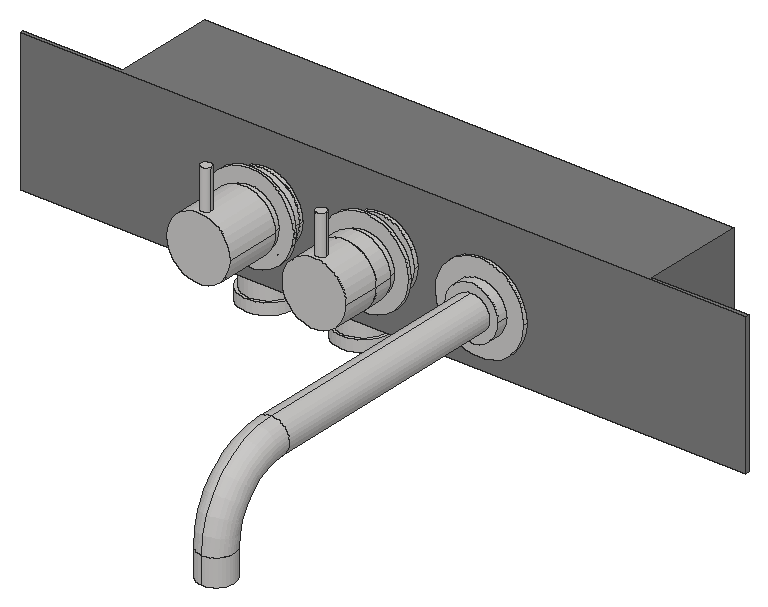
Revit family "5121C", category Plumbing Fixtures, Revit 2021
Family settings
  Round Connector Dimension = Use Diameter
  Part Type = Normal
  Work Plane-Based = No
  Always vertical = Yes
  Cut with Voids When Loaded = No
  Shared = No
  Room Calculation Point = No
Parameters
  e-mail = "info@vola.com"
  URL = "http://vola.com"
  Telephone = "+45 7023 5500"
  Quality management standard = "ISO 9001"
  Organisation no. / DUNS no. = "17531328"
  Occupational health and safety management standard = "ISO 18001"
  Mounting Instructions = "http://vola.com/service/producturl.ashx?name=5121C"
  Model = "5121C"
  Mixer Offset [instance] = 12.00 mm
  Mixer = yes
  Materials and components information = "http://vola.com/service/producturl.ashx?name=5121C"
  Manufacturer = "VOLA A/S"
  Maintenance Instructions = "http://vola.com/service/producturl.ashx?name=5121C"
  Guarantee = "2 years"
  Flow = "30,00 l/min"
  Environmental management standard = "ISO 14000"
  Default Elevation = 0.00 mm
  Connection - All relevant connections = "¾\" for water connection"
  Approvals = "http://vola.com/service/producturl.ashx?name=5121C"
Reference planes
  plane 1 "Center (Front/Back)": y = 0
  plane 2: z = 0
  plane 3 "Center (Left/Right)": x = 0
  plane 4 "Mixer plane": y = 12
  plane 5 "Wall Surface": y = 0
Forms (mm)
  Extrusion 1, solid, material "Stainless Steel", visible <- "Mixer"
    sketch origin (-16.5, 9.5, 0) x (0, 0, -1) y (1, 0, 0)
      loop
        circle (0, 16.5) r 16.5
    from 0 to 9.5
  Extrusion 2, solid, material "Stainless Steel", visible <- "Mixer"
    sketch origin (-102.89, 9.5, 0) x (0, 0, -1) y (1, 0, 0)
      loop
        circle (0, 24.89) r 19.5
    from 0 to 9.5
  Extrusion 3, solid, material "Stainless Steel", visible <- "Mixer"
    sketch origin (-180.89, 9.5, 0) x (0, 0, -1) y (1, 0, 0)
      loop
        circle (0, 24.89) r 24.89
    from 0 to 9.5
Dimensions and locks
  "Mixer Offset": plane 4 "Mixer plane" to plane 1 "Center (Front/Back)"
  aligned and locked: plane 2 to level
  aligned and locked: nested 1 to plane 4 "Mixer plane"
  aligned and locked: plane 1 "Center (Front/Back)" to Extrusion 2
  aligned and locked: plane 1 "Center (Front/Back)" to Extrusion 1
  aligned and locked: plane 1 "Center (Front/Back)" to Extrusion 3
Automatic sketch dimensions
  radius of Extrusion 1 sketch curve to nested 1 = 0.00 mm
  radius of Extrusion 2 sketch curve to nested 1 = 5.39 mm
  radius of Extrusion 3 sketch curve to nested 1 = 0.00 mm
Nested families
  nested 1: "5100" at (-117, 83.5, -85), visible <- "Mixer", type "5100"
  nested 2: "020C" at (0, -2, 0), type "020C"
  nested 3: "NR52" at (-78, -2, 0), type "NR52"
  nested 4: "NR51" at (-156, -2, 0), type "NR51"
  nested 5: "001" at (0, 0, 0) x (1, 0, 0) z (0, -1, 0), type "001"
  nested 6: "2001" at (-156, 0, 0) x (1, 0, 0) z (0, -1, 0), type "2001"
  nested 7: "2001" at (-78, 0, 0) x (1, 0, 0) z (0, -1, 0), type "2001"
Connectors
  piping at (-124, 54.5, -85), diameter 37
    settings: on nested 1, index 1, connector inside diameter 1.45669", connector length 0.00 mm, flow factor 0, pipe flow 0 GPM, pressure drop 0.00 psi, fitting loss kfactor 0, connector angle 0.00°, fixture units 0, engagement length 0.00 mm, angle of deflection 0.00°, flow configuration 0, flow direction 1, fitting loss method 0, system type 20, joint type 0, gender type 0, connector reference index -1, connector utility 0, adjustable connector no, is connector primary yes, connector description ""
  piping at (-188, 54.5, -85), diameter 37
    settings: on nested 1, index 2, connector inside diameter 1.45669", connector length 0.00 mm, flow factor 0, pipe flow 0 GPM, pressure drop 0.00 psi, fitting loss kfactor 0, connector angle 0.00°, fixture units 0, engagement length 0.00 mm, angle of deflection 0.00°, flow configuration 0, flow direction 1, fitting loss method 0, system type 19, joint type 0, gender type 0, connector reference index -1, connector utility 0, adjustable connector no, is connector primary no, connector description ""
Definition of nested family "5100"
  Parameters
    e-mail = "info@vola.com"
    URL = "http://vola.com"
    Telephone = "+45 7023 5500"
    Quality management standard = "ISO 9001"
    Organisation no. / DUNS no. = "17531328"
    Occupational health and safety management standard = "ISO 18001"
    Mounting Instructions = "http://vola.com/service/producturl.ashx?name=5100"
    Model = "5100"
    Materials and components information = "http://vola.com/service/producturl.ashx?name=5100"
    Manufacturer = "VOLA A/S"
    Maintenance Instructions = "http://vola.com/service/producturl.ashx?name=5100"
    Guarantee = "2 years"
    Flow = "43,00 l/min"
    Environmental management standard = "ISO 14000"
    Default Elevation = 0.00 mm
    Connection - All relevant connections = ""
    Approvals = "http://vola.com/service/producturl.ashx?name=5100"
  Reference planes
    plane 1 "Center (Front/Back)": y = 0
    plane 2: z = 0
    plane 3 "Center (Left/Right)": x = 0
    plane 4 "Inlet Center Plane": y = -29
    plane 5: z = 85
  Forms (mm)
    Extrusion 1, solid
      sketch origin (10, 0, 16) x (1, 0, 0) y (0, 1, 0)
        loop
          line (-147.5, 0) -> (-147.5, -69) -> (210.5, -69) -> (210.5, 0) -> (-147.5, 0)
      from 21.5 to 116.5
    Extrusion 2, solid
      sketch origin (10, -1, 16) x (1, 0, 0) y (0, 1, 0)
        loop
          line (-215, -68) -> (-215, -70.5) -> (275.5, -70.5) -> (275.5, -68) -> (-215, -68)
      from 21.5 to 116.5
    Extrusion 3, solid
      sketch origin (-59, -4, 37.5) x (0, 1, 0) y (1, 0, 0)
        loop
          circle (-25, -12) r 16.5
      from 0 to 29.77
    Extrusion 4, solid
      sketch origin (5, -4, 37.5) x (0, 1, 0) y (1, 0, 0)
        loop
          circle (-25, -12) r 16.5
      from 0 to 29.77
    Extrusion 5, solid
      sketch origin (-51.5, -71.5, 16) x (-1, 0, 0) y (0, 0, -1)
        loop
          circle (-12.5, -69) r 24.89
      from 0 to 2.5
    Extrusion 6, solid
      sketch origin (26.5, -71.5, 16) x (-1, 0, 0) y (0, 0, -1)
        loop
          circle (-12.5, -69) r 24.89
      from 0 to 2.5
    Extrusion 7, solid
      sketch origin (65.5, -71.5, 16) x (-1, 0, 0) y (0, 0, -1)
        loop
          circle (-51.5, -69) r 16.5
      from 0 to 2.5
    Extrusion 8, solid
      sketch origin (-59, -4, 7.73) x (-1, 0, 0) y (0, 1, 0)
        loop
          circle (12, -25) r 18.5
      from 0 to 7.73
    Extrusion 9, solid
      sketch origin (5, -4, 7.73) x (-1, 0, 0) y (0, 1, 0)
        loop
          circle (12, -25) r 18.5
      from 0 to 7.73
  Cuts and joins
    joined: Extrusion 1, Extrusion 2
  Lines and regions (mm)
    reference lines
      curve 1: line (117, -29, 85) -> (117, -121.5, 85)
      curve 2: line (39, -29, 85) -> (39, -121.5, 85)
      curve 3: line (-39, -29, 85) -> (-39, -121.5, 85)
      curve 4: line (-71, -29, 85) -> (-71, -29, -14)
      curve 5: line (-7, -29, 85) -> (-7, -29, -14)
  Dimensions and locks
    aligned and locked: plane 2 to level
    aligned and locked: Extrusion 1 to Extrusion 2
    aligned and locked: Extrusion 2 to Extrusion 1
Definition of nested family "020C"
  Parameters
    e-mail = "info@vola.com"
    URL = "http://vola.com"
    Telephone = "+45 7023 5500"
    Quality management standard = "ISO 9001"
    Organisation no. / DUNS no. = "17531328"
    Occupational health and safety management standard = "ISO 18001"
    Mounting Instructions = "http://vola.com/service/producturl.ashx?name=020C"
    Model = "020C"
    Materials and components information = "http://vola.com/service/producturl.ashx?name=020C"
    Manufacturer = "VOLA A/S"
    Maintenance Instructions = "http://vola.com/service/producturl.ashx?name=020C"
    Guarantee = "2 years"
    Environmental management standard = "ISO 14000"
    Default Elevation = 0.00 mm
    Connection - All relevant connections = ""
    Approvals = "http://vola.com/service/producturl.ashx?name=020C"
  Reference planes
    plane 1 "Center (Front/Back)": y = 0
    plane 2: z = 0
    plane 3 "Center (Left/Right)": x = 0
  Forms (mm)
    Extrusion 1, solid
      sketch origin (0, 0, 0) x (1, 0, 0) y (0, 0, 1)
        loop
          circle (0, 0) r 18
      from 0 to 7
    Sweep 2, solid
      path origin (0, 0, 0) x (0, 1, 0) y (0, 0, 1)
        loop
          arc (-223, -47) -> (-209.234, -13.766) -> (-176, 0) r 47
          line (-176, 0) -> (-7, 0)
      profile origin (0, -91.5, 0) x (0, 0, 1) y (1, 0, 0)
        loop
          circle (0, 0) r 12
    Extrusion 3, solid
      sketch origin (0, -223, -47) x (1, 0, 0) y (0, -1, 0)
        loop
          circle (0, 0) r 12
      from 0 to 18
  Dimensions and locks
    aligned and locked: plane 2 to level
Definition of nested family "NR52"
  Parameters
    e-mail = "info@vola.com"
    URL = "http://vola.com"
    Telephone = "+45 7023 5500"
    Quality management standard = "ISO 9001"
    Organisation no. / DUNS no. = "17531328"
    Occupational health and safety management standard = "ISO 18001"
    Mounting Instructions = "http://vola.com/service/producturl.ashx?name=NR52"
    Model = "NR52"
    Materials and components information = "http://vola.com/service/producturl.ashx?name=NR52"
    Manufacturer = "VOLA A/S"
    Maintenance Instructions = "http://vola.com/service/producturl.ashx?name=NR52"
    Guarantee = "2 years"
    Environmental management standard = "ISO 14000"
    Default Elevation = 0.00 mm
    Connection - All relevant connections = ""
    Approvals = "http://vola.com/service/producturl.ashx?name=NR52"
  Reference planes
    plane 1 "Center (Front/Back)": y = 0
    plane 2: z = 0
    plane 3 "Center (Left/Right)": x = 0
  Forms (mm)
    Extrusion 1, solid
      sketch origin (0, 0, 0) x (1, 0, 0) y (0, 0, 1)
        loop
          circle (0, 0) r 20
      from 0 to 5
    Extrusion 2, solid
      sketch origin (0, 0, 0) x (1, 0, 0) y (0, 0, 1)
        loop
          circle (0, 0) r 21.5
      from 17 to 42.5
    Extrusion 3, solid
      sketch origin (0, -2, 0) x (0, -1, 0) y (1, 0, 0)
        loop
          circle (34.5, 0) r 3.5
      from 0 to 47.5
    Extrusion 4, solid
      sketch origin (0, 10.75, -47.4) x (0, -1, 0) y (1, 0, 0)
        loop
          circle (34.5, 0) r 3.5
      from 22.5 to 47.4
    Extrusion 5, solid
      sketch origin (0, 11.93, 0) x (1, 0, 0) y (0, 0, 1)
        loop
          circle (0, 0) r 21.5
      from 16.93 to 28.93
  Cuts and joins
    joined: Extrusion 2, Extrusion 3, Extrusion 4
  Dimensions and locks
    aligned and locked: plane 2 to level
    aligned and locked: Extrusion 2 to Extrusion 5
    aligned and locked: Extrusion 1 to Extrusion 5
Definition of nested family "NR51"
  Parameters
    e-mail = "info@vola.com"
    URL = "http://vola.com"
    Telephone = "+45 7023 5500"
    Quality management standard = "ISO 9001"
    Organisation no. / DUNS no. = "17531328"
    Occupational health and safety management standard = "ISO 18001"
    Mounting Instructions = "http://vola.com/service/producturl.ashx?name=NR51"
    Model = "NR51"
    Materials and components information = "http://vola.com/service/producturl.ashx?name=NR51"
    Manufacturer = "VOLA A/S"
    Maintenance Instructions = "http://vola.com/service/producturl.ashx?name=NR51"
    Guarantee = "2 years"
    Environmental management standard = "ISO 14000"
    Default Elevation = 0.00 mm
    Connection - All relevant connections = ""
    Approvals = "http://vola.com/service/producturl.ashx?name=NR51"
  Reference planes
    plane 1 "Center (Front/Back)": y = 0
    plane 2: z = 0
    plane 3 "Center (Left/Right)": x = 0
  Forms (mm)
    Extrusion 1, solid
      sketch origin (0, 0, 0) x (1, 0, 0) y (0, 0, 1)
        loop
          circle (0, 0) r 21.5
      from 5 to 42.5
    Extrusion 2, solid
      sketch origin (0, -2, 0) x (0, -1, 0) y (1, 0, 0)
        loop
          circle (34.5, 0) r 3.5
      from 0 to 47.5
    Extrusion 3, solid
      sketch origin (0, 0, 0) x (1, 0, 0) y (0, 0, 1)
        loop
          circle (0, 0) r 20
      from 0 to 5
  Cuts and joins
    joined: Extrusion 1, Extrusion 2
  Dimensions and locks
    aligned and locked: plane 2 to level
Definition of nested family "001"
  Parameters
    e-mail = "info@vola.com"
    URL = "http://vola.com"
    Telephone = "+45 7023 5500"
    Quality management standard = "ISO 9001"
    Organisation no. / DUNS no. = "17531328"
    Occupational health and safety management standard = "ISO 18001"
    Mounting Instructions = "http://vola.com/service/producturl.ashx?name=001"
    Model = "001"
    Materials and components information = "http://vola.com/service/producturl.ashx?name=001"
    Manufacturer = "VOLA A/S"
    Maintenance Instructions = "http://vola.com/service/producturl.ashx?name=001"
    Guarantee = "2 years"
    Environmental management standard = "ISO 14000"
    Default Elevation = 1219.20 mm
    Connection - All relevant connections = ""
    Approvals = "http://vola.com/service/producturl.ashx?name=001"
  Reference planes
    plane 1 "Center (Front/Back)": y = 0
    plane 2: z = 0
    plane 3 "Center (Left/Right)": x = 0
  Forms (mm)
    Extrusion 1, solid
      sketch origin (0, 0, 0) x (1, 0, 0) y (0, 1, 0)
        loop
          circle (0, 0) r 16.5
        loop
          circle (0, 0) r 30
      from 0 to 2
  Dimensions and locks
    aligned and locked: plane 2 to level
Definition of nested family "2001"
  Parameters
    e-mail = "info@vola.com"
    URL = "http://vola.com"
    Telephone = "+45 7023 5500"
    Quality management standard = "ISO 9001"
    Organisation no. / DUNS no. = "17531328"
    Occupational health and safety management standard = "ISO 18001"
    Mounting Instructions = "http://vola.com/service/producturl.ashx?name=2001"
    Model = "2001"
    Materials and components information = "http://vola.com/service/producturl.ashx?name=2001"
    Manufacturer = "VOLA A/S"
    Maintenance Instructions = "http://vola.com/service/producturl.ashx?name=2001"
    Guarantee = "2 years"
    Environmental management standard = "ISO 14000"
    Default Elevation = 1219.20 mm
    Connection - All relevant connections = ""
    Approvals = "http://vola.com/service/producturl.ashx?name=2001"
  Reference planes
    plane 1 "Center (Front/Back)": y = 0
    plane 2: z = 0
    plane 3 "Center (Left/Right)": x = 0
  Forms (mm)
    Extrusion 1, solid
      sketch origin (0, 0, 0) x (1, 0, 0) y (0, 1, 0)
        loop
          circle (0, 0) r 19.5
        loop
          circle (0, 0) r 30
      from 0 to 2
  Dimensions and locks
    aligned and locked: plane 2 to level
